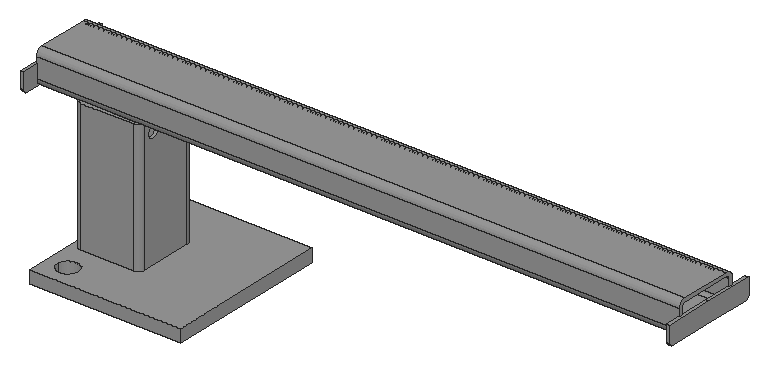
Revit family "STA BKRS 400 FT Stützausleger", category Generic Models, Revit 2017
Family settings
  Can host rebar = No
  Round Connector Dimension = Use Diameter
  Part Type = Normal
  Work Plane-Based = No
  Always vertical = Yes
  Cut with Voids When Loaded = No
  Shared = No
  Room Calculation Point = No
Parameters (values of type "STA BKRS 400 FT")
  URL = "http://www.obo-bettermann.com"
  Material = Hot dip galvanised
  Manufacturer Art.No. = "6044547"
  Manufacturer = "OBO BETTERMANN"
  GTIN = "4012196695119"
  Article Type = "STA BKRS 400 FT"
Reference planes
  plane 1 "Center (Front/Back)": y = 0
  plane 2: z = 0
  plane 3 "Center (Left/Right)": x = 0
  plane 4: x = 91.5
  plane 5: y = 100
  plane 6: y = 12.5
  plane 7: y = 87.5
  plane 8: x = 13
  plane 9: y = 50
  plane 10: y = 62
  plane 11: x = 11
  plane 12: z = 88
  plane 13: x = 22.882
  plane 14: x = 2.902
  plane 15: x = -20.098
  plane 16: z = 100
  plane 17: y = 50
  plane 18: z = 90
  plane 19: y = 22
  plane 20: z = 90
  plane 21: y = 78
  plane 22: x = -22.098
  plane 23: x = 364.902
  plane 24: y = 40
  plane 25: x = 364.902
  plane 26: y = 30
  plane 27: x = -13.098
  plane 28: y = 60.052
  plane 29: y = 70.026
  plane 30: x = 3
  plane 31: z = 81
  plane 32: y = 40
  plane 33: y = 30
  plane 34: x = 371.902
  plane 35: x = 373.902
Forms (mm)
  Extrusion 1, solid, material "Hot dip galvanised" <- "Material"
    sketch origin (0, 0, 0) x (1, 0, 0) y (0, 0, 1)
      loop
        line (0, 0) -> (91.5, 0) -> (91.5, 8) -> (0, 8) -> (0, 0)
    from 0 to -100
  Extrusion 2, void
    sketch origin (0, 0, 0) x (1, 0, 0) y (0, 1, 0)
      loop
        circle (13, 87.5) r 6.5
      loop
        circle (13, 12.5) r 6.5
      loop
        circle (11, 62) r 5.956
    from 0 to 8
  Extrusion 3, solid, material "Hot dip galvanised" <- "Material"
    sketch origin (0, 0, 0) x (0, 1, 0) y (0, 0, 1)
      loop
        line (34, 88) -> (66, 88)
        arc (66, 88) -> (68.828, 89.172) -> (70, 92) r 4
        line (70, 92) -> (70, 104)
        arc (70, 104) -> (68.828, 106.828) -> (66, 108) r 4
        line (66, 108) -> (34, 108)
        arc (34, 108) -> (31.172, 106.828) -> (30, 104) r 4
        line (30, 104) -> (30, 92)
        arc (30, 92) -> (31.172, 89.172) -> (34, 88) r 4
      loop
        line (66, 106) -> (34, 106)
        arc (34, 106) -> (32.586, 105.414) -> (32, 104) r 2
        line (32, 104) -> (32, 92)
        arc (32, 92) -> (32.586, 90.586) -> (34, 90) r 2
        line (34, 90) -> (66, 90)
        arc (66, 90) -> (67.414, 90.586) -> (68, 92) r 2
        line (68, 92) -> (68, 104)
        arc (68, 104) -> (67.414, 105.414) -> (66, 106) r 2
    from -20.098 to 371.902
  Extrusion 4, solid, material "Hot dip galvanised" <- "Material"
    sketch origin (0, 0, 0) x (0, 1, 0) y (0, 0, 1)
      loop
        line (50, 100) -> (20, 100) -> (20, 90) -> (22, 88) -> (50, 88) -> (78, 88) -> (80, 90) -> (80, 100) -> (50, 100)
    from 371.902 to 373.902
  Extrusion 5, solid, material "Hot dip galvanised" <- "Material"
    sketch origin (0, 0, 0) x (0, 1, 0) y (0, 0, 1)
      loop
        line (80, 100) -> (20, 100) -> (20, 90) -> (22, 88) -> (78, 88) -> (80, 90) -> (80, 100)
    from -22.098 to -20.098
  Extrusion 6, void
    sketch origin (0, 0, 0) x (1, 0, 0) y (0, 1, 0)
      loop
        circle (364.902, 40) r 4
    from 88 to 90
  Extrusion 7, void
    sketch origin (0, 0, 0) x (1, 0, 0) y (0, 1, 0)
      loop
        circle (-13.098, 60.052) r 3.952
    from 88 to 90
  Extrusion 8, solid, material "Hot dip galvanised" <- "Material"
    sketch origin (0, 0, 0) x (1, 0, 0) y (0, 1, 0)
      loop
        arc (6.902, 70.024) -> (4.074, 68.853) -> (2.902, 66.024) r 4
        line (2.902, 66.024) -> (2.902, 34)
        arc (2.902, 34) -> (4.074, 31.172) -> (6.902, 30) r 4
        line (6.902, 30) -> (38.902, 30)
        arc (38.902, 30) -> (41.731, 31.172) -> (42.902, 34) r 4
        line (42.902, 34) -> (42.902, 66.024)
        arc (42.902, 66.024) -> (41.731, 68.853) -> (38.902, 70.024) r 4
        line (38.902, 70.024) -> (6.902, 70.024)
      loop
        arc (6.902, 68.024) -> (5.488, 67.439) -> (4.902, 66.024) r 2
        line (4.902, 66.024) -> (4.902, 34)
        arc (4.902, 34) -> (5.488, 32.586) -> (6.902, 32) r 2
        line (6.902, 32) -> (38.902, 32)
        arc (38.902, 32) -> (40.317, 32.586) -> (40.902, 34) r 2
        line (40.902, 34) -> (40.902, 66.024)
        arc (40.902, 66.024) -> (40.317, 67.439) -> (38.902, 68.024) r 2
        line (38.902, 68.024) -> (6.902, 68.024)
    from 8 to 88
  Extrusion 9, void
    sketch origin (0, 0, 0) x (0, 1, 0) y (0, 0, 1)
      loop
        circle (40, 81) r 3.961
    from 40.902 to 42.902
Cuts and joins
  Extrusion 2 cuts Extrusion 1
  Extrusion 6, Extrusion 7 cuts Extrusion 3
  Extrusion 9 cuts Extrusion 8
Dimensions and locks
  plane 4 to plane 3 "Center (Left/Right)" = 91.5 mm
  locked: Extrusion 1 sketch curve to Extrusion 1 sketch curve at 8
  locked: Extrusion 1 sketch curve to Extrusion 1 sketch curve at 91.5
  locked: plane 1 "Center (Front/Back)" to plane 5 at 100
  locked: Extrusion 1 to plane 8 at 13
  locked: Extrusion 1 to plane 9 at 50
  locked: plane 7 to plane 9 at 37.5
  locked: plane 9 to plane 6 at 37.5
  locked: plane 8 to Extrusion 2 sketch curve at 0  (x2)
  locked: plane 8 to Extrusion 2 sketch curve at 6.5  (x2)
  locked: Extrusion 1 to plane 10 at 38
  Extrusion 1 to plane 11 = 11 mm
  locked: plane 11 to Extrusion 2 sketch curve at 0
  locked: Extrusion 2 sketch curve to plane 11 at 5.956
  locked: plane 12 to level at 88
  locked: Extrusion 3 sketch curve to Extrusion 3 sketch curve at 40
  locked: Extrusion 3 sketch curve to Extrusion 3 sketch curve at 36
  locked: Extrusion 3 sketch curve to Extrusion 3 sketch curve at 16
  locked: Extrusion 3 to plane 16 at 8
  locked: Extrusion 3 to Extrusion 4 sketch curve at 12  (x2)
  locked: Extrusion 3 to Extrusion 4 at 12
  locked: Extrusion 4 to Extrusion 4 at 12
  locked: Extrusion 4 to Extrusion 4 at 60
  locked: plane 22 to Extrusion 3 at 2
  plane 23 to Extrusion 3 = 7 mm
  locked: plane 24 to plane 26 at 10
  locked: plane 25 to Extrusion 6 sketch curve at 0
  locked: plane 25 to Extrusion 6 sketch curve at 4
  locked: cut or joined group of Extrusion 3, Extrusion 6, Extrusion 7 to plane 27 at 7
  locked: plane 29 to plane 28 at 9.974
  locked: plane 27 to Extrusion 7 sketch curve at 0
  locked: plane 27 to Extrusion 7 sketch curve at 3.952
  locked: plane 3 "Center (Left/Right)" to plane 30 at 3
  locked: Extrusion 8 sketch curve to Extrusion 8 sketch curve at 40.024
  locked: Extrusion 8 sketch curve to Extrusion 8 sketch curve at 40
  locked: Extrusion 8 sketch curve to Extrusion 8 sketch curve at 36.024
  locked: Extrusion 8 sketch curve to Extrusion 8 sketch curve at 36
  Extrusion 8 sketch curve to Extrusion 8 sketch curve = 40 mm
  locked: plane 31 to Extrusion 4 at 7
  locked: plane 33 to plane 32 at 10
  locked: plane 32 to Extrusion 9 sketch curve at 3.961
  locked: plane 32 to Extrusion 9 sketch curve at 0
  plane 34 to cut or joined group of Extrusion 8, Extrusion 9 = 329 mm
  locked: plane 14 to cut or joined group of Extrusion 3, Extrusion 6, Extrusion 7 at 23
  locked: cut or joined group of Extrusion 3, Extrusion 6, Extrusion 7 to cut or joined group of Extrusion 8, Extrusion 9 at 329
  locked: plane 35 to cut or joined group of Extrusion 3, Extrusion 6, Extrusion 7 at 2
  aligned and locked: level to plane 2
  aligned and locked: Extrusion 1 to level
  aligned and locked: Extrusion 1 to plane 3 "Center (Left/Right)"
  aligned and locked: plane 5 to Extrusion 1
  aligned and locked: plane 1 "Center (Front/Back)" to Extrusion 1
  aligned and locked: Extrusion 2 to level
  aligned and locked: Extrusion 1 to Extrusion 2
  aligned and locked: Extrusion 3 to plane 12
  aligned and locked: Extrusion 3 to plane 15
  aligned and locked: plane 12 to Extrusion 4 sketch curve
  aligned and locked: plane 18 to Extrusion 4 sketch curve
  aligned and locked: Extrusion 4 to Extrusion 3
  aligned and locked: Extrusion 5 to Extrusion 3
  aligned and locked: Extrusion 5 to plane 22
  aligned and locked: plane 25 to plane 23
  aligned and locked: plane 12 to Extrusion 6
  aligned and locked: Extrusion 7 to plane 12
  aligned and locked: Extrusion 3 to Extrusion 7
  aligned and locked: plane 14 to Extrusion 8 sketch curve
  aligned and locked: cut or joined group of Extrusion 3, Extrusion 6, Extrusion 7 to Extrusion 8
  aligned and locked: Extrusion 8 to cut or joined group of Extrusion 1, Extrusion 2
  aligned and locked: plane 12 to Extrusion 8
  aligned and locked: Extrusion 8 to Extrusion 9  (x2)
  aligned and locked: plane 35 to Extrusion 4
Automatic sketch dimensions
  Extrusion 1 sketch curve to level = 0 mm
  Extrusion 1 sketch curve to plane 3 "Center (Left/Right)" = 0 mm
  Extrusion 2 sketch curve to plane 6 = 0 mm
  Extrusion 2 sketch curve to plane 10 = 0 mm
  Extrusion 2 sketch curve to plane 7 = 0 mm
  plane 12 to Extrusion 3 sketch curve = 4 mm  (x2)
  Extrusion 3 sketch curve to plane 1 "Center (Front/Back)" = 30 mm
  Extrusion 3 sketch curve to Extrusion 3 sketch curve = 4 mm
  Extrusion 3 sketch curve to Extrusion 3 sketch curve = 0 mm  (x13)
  Extrusion 4 sketch curve to plane 19 = 0 mm
  Extrusion 4 sketch curve to plane 17 = 0 mm  (x2)
  Extrusion 4 sketch curve to plane 21 = 0 mm
  plane 18 to Extrusion 4 sketch curve = 0 mm
  Extrusion 4 sketch curve to plane 19 = 2 mm
  plane 21 to Extrusion 4 sketch curve = 2 mm
  Extrusion 5 sketch curve to plane 12 = 0 mm
  Extrusion 5 sketch curve to plane 1 "Center (Front/Back)" = 20 mm
  Extrusion 5 sketch curve to Extrusion 5 sketch curve = 2 mm  (x2)
  Extrusion 5 sketch curve to plane 5 = 22 mm
  plane 12 to Extrusion 5 sketch curve = 2 mm  (x2)
  Extrusion 5 sketch curve to Extrusion 5 sketch curve = 10 mm
  Extrusion 6 sketch curve to plane 24 = 0 mm
  Extrusion 7 sketch curve to plane 28 = 0 mm
  Extrusion 3 sketch curve to plane 12 = 0 mm
  plane 30 to Extrusion 8 sketch curve = 3.902 mm  (x2)
  Extrusion 8 sketch curve to Extrusion 8 sketch curve = 4 mm  (x2)
  Extrusion 8 sketch curve to plane 1 "Center (Front/Back)" = 30 mm
  Extrusion 8 sketch curve to Extrusion 8 sketch curve = 0 mm  (x6)
  Extrusion 9 sketch curve to plane 31 = 0 mm
